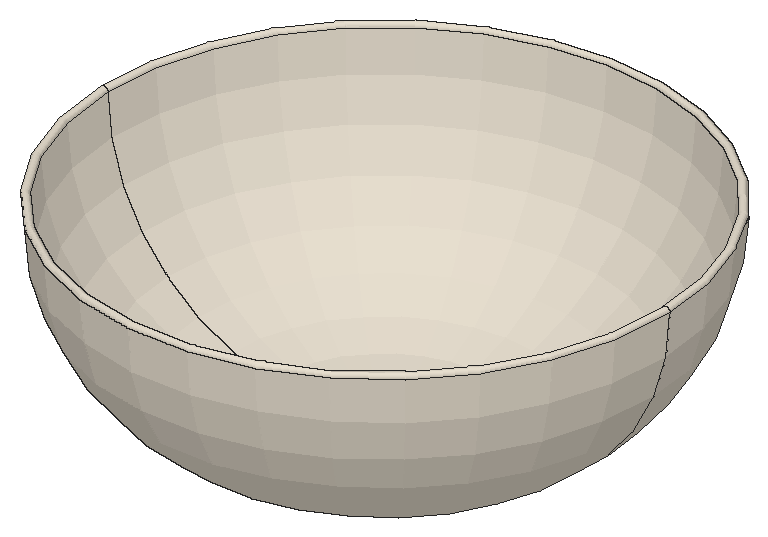
Revit family "O14752711_Lavamanos Granito Vessel", category Plumbing Fixtures, host Face, Revit 2020
Family settings
  Host = Face
  Round Connector Dimension = Use Diameter
  Part Type = Normal
  OmniClass Number = 23.31.13.11
  OmniClass Title = Single Sinks
  Cut with Voids When Loaded = No
  Shared = No
  Room Calculation Point = No
Parameters
  URL = "https://corona.co/productos/lavamanos/lavamanos-granito-con-desague/p/O14752711"
  Referencia = "014752711"  # constant formula
  Profundidad = 375 mm
  Peso del Producto Empacado = "5,5 Kg"  # constant formula
  Model = "Lavamanos tipo Vessel en Porcelana Sanitaria"  # constant formula
  Material 2 = Corona_Plastico_Cromado
  Material = Corona_Porcelana_Sanitaria_Arena
  Manufacturer = "Corona"  # constant formula
  Garantía = "Garantía Integral de por vida."  # constant formula
  Fecha de creación = "12/03/2021"  # constant formula
  Dimensiones del Producto Empacado = "16 1/8” x 16 1/8” x 6 1/4” (41 cm x 41 cm x 16 cm)"  # constant formula
  Dimensiones del Pozo = "3 3/4” x 4 3/4” (35.5 cm x 12 cm)"  # constant formula
  Description = "Un lavamanos ideal para espacios naturales porque la similitud al granito harán de sus espacios diseños vanguardistas e innovadores"  # constant formula
  Default Elevation = 1219.2 mm
  Creado por = "BIMBAU"  # constant formula
  Ancho = 375 mm
  Alto = 140 mm
Reference planes
  plane 1 "Center (Front/Back)": y = 0
  plane 2: z = 0
  plane 3 "Center (Left/Right)": x = 0
  plane 4: y = -187.5
  plane 5: y = 187.5
  plane 6: x = -187.5
  plane 7: x = 187.5
  plane 8: z = 140
Forms (mm)
  Extrusion 1, solid, material "Corona_Porcelana_Sanitaria_Arena" <- "Material", detail levels coarse
    sketch origin (0, 0, 0) x (1, 0, 0) y (0, 1, 0)
      loop
        line (-187.5, 187.5) -> (-187.5, -187.5) -> (187.5, -187.5) -> (187.5, 187.5) -> (-187.5, 187.5)
    from 0 to 142.088
  Extrusion 2, solid, not visible
    sketch origin (0, 0, 0) x (1, 0, 0) y (0, 1, 0)
      loop
        line (187.5, 187.5) -> (187.5, 222.5) -> (-187.5, 222.5) -> (-187.5, 187.5) -> (187.5, 187.5)
    from -304.8 to 0
Dimensions and locks
  equal spacing: plane 6, plane 3 "Center (Left/Right)", plane 7
  "Ancho": plane 6 to plane 7
  equal spacing: plane 5, plane 1 "Center (Front/Back)", plane 4
  "Profundidad": plane 4 to plane 5
  "Alto": plane 8 to host face
  aligned and locked: plane 2 to host face
  aligned and locked: level to host face
Automatic sketch dimensions
  host sketch curve to host sketch curve = 805.453 mm
  host sketch curve to host sketch curve = 806.182 mm
  Extrusion 1 sketch curve to plane 4 = 0 mm
  Extrusion 1 sketch curve to plane 6 = 0 mm
  Extrusion 1 sketch curve to plane 7 = 0 mm
  plane 5 to Extrusion 1 sketch curve = 0 mm
  plane 5 to Extrusion 2 sketch curve = 0 mm
  Extrusion 2 sketch curve to plane 6 = 0 mm
  Extrusion 2 sketch curve to plane 7 = 0 mm
  Extrusion 2 sketch curve to plane 5 = 35 mm
Nested families
  nested 1: "Lavamanos Granito Vessel" at (0, 0, -721.912), type "Lavamanos Granito Vessel", detail levels medium+fine
  nested 2: "Planta" at (0, 0, 0), type "Planta"
  nested 3: "Frontal" at (0, 0, 0) x (1, 0, 0) z (0, -1, 0), type "Frontal"
  nested 4: "Lateral" at (0, 0, 0) x (0, 1, 0) z (1, 0, 0), type "Lateral"
Connectors
  piping at (0, 187.5, -108.253), diameter 50.8
    settings: on Extrusion 2, index 1, connector inside diameter 609.6 mm, connector length 0 mm, flow factor 0, pipe flow 0.0 L/s, pressure drop 0.0 Pa, fitting loss kfactor 0, connector angle 0.00°, fixture units 0, engagement length 0 mm, angle of deflection 0.00°, flow configuration 0, flow direction 2, fitting loss method 0, system type 16, joint type 0, gender type 0, connector reference index -1, connector utility 0, adjustable connector no, is connector primary yes, connector description ""
  piping at (-99.44, 187.5, -57.187), diameter 19.1
    settings: on Extrusion 2, index 2, connector inside diameter 609.6 mm, connector length 0 mm, flow factor 0, pipe flow 0.0 L/s, pressure drop 0.0 Pa, fitting loss kfactor 0, connector angle 0.00°, fixture units 0, engagement length 0 mm, angle of deflection 0.00°, flow configuration 0, flow direction 1, fitting loss method 0, system type 16, joint type 0, gender type 0, connector reference index -1, connector utility 0, adjustable connector no, is connector primary no, connector description ""
  piping at (108.06, 187.5, -57.187), diameter 19.1
    settings: on Extrusion 2, index 3, connector inside diameter 609.6 mm, connector length 0 mm, flow factor 0, pipe flow 0.0 L/s, pressure drop 0.0 Pa, fitting loss kfactor 0, connector angle 0.00°, fixture units 0, engagement length 0 mm, angle of deflection 0.00°, flow configuration 0, flow direction 1, fitting loss method 0, system type 16, joint type 0, gender type 0, connector reference index -1, connector utility 0, adjustable connector no, is connector primary no, connector description ""
Definition of nested family "Lavamanos Granito Vessel"
  Parameters (values of type "Lavamanos Granito Vessel")
    Profundidad = 375 mm
    Material 2 = none
    Material = none
    Default Elevation = 0 mm
    Ancho = 375 mm
    Alto = 140 mm
  Reference planes
    plane 1 "Center (Front/Back)": y = 0
    plane 2: z = 0
    plane 3 "Center (Left/Right)": x = 0
    plane 4: y = 187.5
    plane 5: y = -187.5
    plane 6: x = -187.5
    plane 7: x = 187.5
    plane 8: z = 724
    plane 9: z = 864
  Forms (mm)
    Sweep 1, solid, material <- "Material"
      path origin (0, 0, 0) x (1, 0, 0) y (0, 1, 0)
        loop
          arc (-187.5, 0) -> (0, -187.5) -> (187.5, 0) r 187.5
      profile origin (0, -187.5, 0) x (0, 1, 0) y (0, 0, 1)
        loop
          arc (0.273, 861.223) -> (41.076, 762.715) -> (139.584, 721.912) r 139.311
          line (139.584, 721.912) -> (162.5, 721.912) -> (162.5, 727.089) -> (139.584, 727.089)
          arc (139.584, 727.089) -> (44.603, 766.431) -> (5.261, 861.412) r 134.323
          arc (5.261, 861.412) -> (2.667, 863.958) -> (0.273, 861.223) r 2.5
    Sweep 2, solid, material <- "Material"
      path origin (0, 0, 0) x (1, 0, 0) y (0, -1, 0)
        loop
          arc (-187.5, 0) -> (0, -187.5) -> (187.5, 0) r 187.5
      profile origin (0, 187.5, 0) x (0, 1, 0) y (0, 0, 1)
        loop
          arc (-0.273, 861.223) -> (-2.667, 863.958) -> (-5.261, 861.412) r 2.5
          arc (-5.261, 861.412) -> (-44.603, 766.431) -> (-139.584, 727.089) r 134.323
          line (-139.584, 727.089) -> (-162.5, 727.089) -> (-162.5, 721.912) -> (-139.584, 721.912)
          arc (-139.584, 721.912) -> (-41.076, 762.715) -> (-0.273, 861.223) r 139.311
    Revolve 3, solid, material <- "Material 2"
      sketch origin (0, 0, 0.469) x (0, 1, 0) y (0, 0, 1)
        loop
          line (0, 727.089) -> (13.935, 727.089) -> (28.204, 728.928)
          arc (28.204, 728.928) -> (28.768, 729.53) -> (28.286, 730.199) r 0.649
          arc (28.286, 730.199) -> (14.257, 733.127) -> (0, 734.589) r 138.391
          line (0, 734.589) -> (0, 727.089)
        axis (0, 734.589) -> (0, 727.089)
      angle from 0 to 360
  Cuts and joins
    joined: Sweep 1, Sweep 2
  Dimensions and locks
    equal spacing: plane 4, plane 1 "Center (Front/Back)", plane 5
    "Profundidad": plane 4 to plane 5
    equal spacing: plane 6, plane 3 "Center (Left/Right)", plane 7
    "Ancho": plane 6 to plane 7
    plane 8 to level = 724 mm
    "Alto": plane 9 to plane 8
    aligned and locked: level to plane 2
  Automatic sketch dimensions
    plane 1 "Center (Front/Back)" to Sweep 1 sketch curve = 0 mm
    Sweep 1 sketch curve to plane 6 = 0 mm
    Sweep 1 sketch curve to plane 3 "Center (Left/Right)" = 0 mm
    Sweep 1 sketch curve to profile plane = 2.762 mm
    Sweep 1 sketch curve to Sweep 1 sketch curve = 136.822 mm
    Sweep 1 sketch curve to Sweep 1 sketch curve = 0 mm
    Sweep 1 sketch curve to Sweep 1 sketch curve = 22.916 mm
    level to Sweep 1 sketch curve = 721.912 mm
    Sweep 1 sketch curve to Sweep 1 sketch curve = 5.177 mm
    Sweep 1 sketch curve to Sweep 1 sketch curve = 134.134 mm
    Sweep 1 sketch curve to Sweep 1 sketch curve = 0.189 mm
    plane 1 "Center (Front/Back)" to Sweep 2 sketch curve = 0 mm
    Sweep 2 sketch curve to plane 6 = 0 mm
    Sweep 2 sketch curve to plane 3 "Center (Left/Right)" = 0 mm
    profile plane to Sweep 2 sketch curve = 162.5 mm
    Sweep 2 sketch curve to Sweep 2 sketch curve = 22.916 mm
    Sweep 2 sketch curve to Sweep 2 sketch curve = 0 mm
    profile plane to Sweep 2 sketch curve = 2.762 mm
    level to Sweep 2 sketch curve = 721.912 mm
    Sweep 2 sketch curve to Sweep 2 sketch curve = 5.177 mm
    Sweep 2 sketch curve to Sweep 2 sketch curve = 134.134 mm
    Sweep 2 sketch curve to Sweep 2 sketch curve = 0.189 mm
    Revolve 3 sketch curve to plane 1 "Center (Front/Back)" = 0 mm  (x2)
    plane 1 "Center (Front/Back)" to Revolve 3 sketch curve = 6.968 mm
    plane 8 to Revolve 3 sketch curve = 3.558 mm
    Revolve 3 sketch curve to Revolve 3 sketch curve = 13.935 mm
    plane 8 to Revolve 3 sketch curve = 6.04 mm
    Revolve 3 sketch curve to Revolve 3 sketch curve = 14.186 mm
    plane 8 to Revolve 3 sketch curve = 5.397 mm
    Revolve 3 sketch curve to Revolve 3 sketch curve = 0.083 mm
    Revolve 3 sketch curve to plane 8 = 127.157 mm
    Revolve 3 sketch curve to Revolve 3 sketch curve = 7.5 mm
    Revolve 3 sketch curve to level = 520.523 mm
    plane 9 to Revolve 3 sketch curve = 1877.943 mm
Definition of nested family "Planta"
  Reference planes
    plane 1 "Center (Front/Back)": y = 0
    plane 2: z = 0
    plane 3 "Center (Left/Right)": x = 0
    plane 4: x = 187.5
    plane 5: x = -187.5
    plane 6: y = 187.5
    plane 7: y = -187.5
  Lines and regions (mm)
    Masking region 1, in view "Ref. Level"
      outline origin (0, 0, 0) x (1, 0, 0) y (0, 1, 0)
        loop
          circle (0, 0) r 187.5
    detail lines, in view "Ref. Level"
      curve 1: circle (0, 0, 0) r 180 normal (0, 0, 1)
      curve 2: circle (0, 0, 0) r 25 normal (0, 0, 1)
Definition of nested family "Frontal"
  Reference planes
    plane 1 "Center (Front/Back)": y = 0
    plane 2: z = 0
    plane 3 "Center (Left/Right)": x = 0
    plane 4: x = 187.5
    plane 5: x = -187.5
    plane 6: y = 140
  Lines and regions (mm)
    Filled region 1, type "Concrete", in view "Ref. Level"
      outline origin (0, 0, 0) x (1, 0, 0) y (0, 1, 0)
        loop
          arc (-187.5, 140) -> (-146.495, 41.005) -> (-47.5, 0) r 140
          line (-47.5, 0) -> (47.5, 0)
          arc (47.5, 0) -> (146.495, 41.005) -> (187.5, 140) r 140
          line (187.5, 140) -> (-187.5, 140)
Definition of nested family "Lateral"
  Reference planes
    plane 1 "Center (Front/Back)": y = 0
    plane 2: z = 0
    plane 3 "Center (Left/Right)": x = 0
    plane 4: x = 187.5
    plane 5: x = -187.5
    plane 6: y = 140
  Lines and regions (mm)
    Filled region 1, type "Concrete", in view "Ref. Level"
      outline origin (0, 0, 0) x (1, 0, 0) y (0, 1, 0)
        loop
          line (-47.5, 0) -> (47.5, 0)
          arc (47.5, 0) -> (146.495, 41.005) -> (187.5, 140) r 140
          line (187.5, 140) -> (-187.5, 140)
          arc (-187.5, 140) -> (-146.495, 41.005) -> (-47.5, 0) r 140
